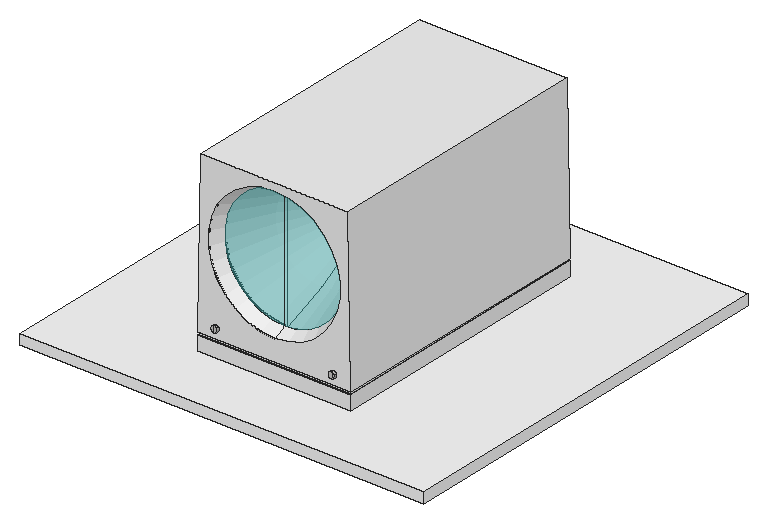
Revit family "BE_24582_de_DE", category Leuchten, Revit 2015
Parameters (values of type "BEGA_24582_Weiß_K4")
  built-in parameter 1150104 = 12.443 (stored number, unit not read)
  Wattage = 16.5 W
  Default Elevation = 0 mm
  built-in parameter 1150113 = 1 (stored number, unit not read)
  built-in parameter 1114218 = 1 (stored number, unit not read)
  Umgebungstemperatur = "25 °C"
  URL = "http://www.bega.de/produkt/24582"
  Typenkommentare = "© 2016 BEGA. Wir behalten uns das Recht vor, technische Änderungen ohne vorherige Ankündigung vorzunehmen."  # constant formula
  Type Image = 24582.png
  built-in parameter 1150134 = 12
  built-in parameter 1150109 = 1 (stored number, unit not read)
  Strom = ""
  built-in parameter 1150110 = 1 (stored number, unit not read)
  Spannung = 239.996 V
  Sonderanfertigung = no
  Seriennummer [instance] = "Hier können Sie die eindeutige Seriennummer für das Facility Management eintragen."
  Schutzklasse = "I"
  Schutzart = "IP 64"
  Scheinlast = 0 VA
  Produktdatenblatt = "http://www.bega.de/download/Xrfa/db/24582.db.de.pdf"
  Oberflächentemperatur = ""
  Neigungswinkel = 0.00°
  Modell = "24582WK4"
  Material_17 = BEGA_Reflektor
  Material_15 = BEGA_Leuchtmedium_matt
  Material_11 = BEGA_Glas_opal
  Material_09 = BEGA_Glas_klar
  Material_06 = BEGA_Oberfläche_Edelstahl_gebürstet
  Material_03 = BEGA_Oberfläche_Weiss_matt
  Material_02 = BEGA_Oberfläche_Silber_matt
  Material_01 [instance] = BEGA_Oberfläche_Grafit_matt
  M_W = yes
  M_G = no
  M_A = no
  Logo = 0
  built-in parameter 1114217 = 1 (stored number, unit not read)
  built-in parameter 1150139 = (empty or 0)
  built-in parameter 1150105 = 175.87 (stored number, unit not read)
  built-in parameter 1150114 = 1 (stored number, unit not read)
  Lumens = 2210.01 lm
  built-in parameter 1150115 = 1 (stored number, unit not read)
  Leuchtenlichtstrom = "1664 lm"
  Leuchtenanzahl = ""
  Lebensdauerkriterien = "L70 = 50.000 h"
  Lastklassifizierung = Beleuchtung
  built-in parameter 1150112 = 1 (stored number, unit not read)
  Lampenlichtstrom = "2210 lm"
  Lampe = "LED 16.5 W"
  LED_Modulbezeichnung = "LED-0683/840"
  built-in parameter 1150142 = (empty or 0)
  Hersteller = "BEGA"  # constant formula
  Halbstreuwinkel = ""
  Gewicht = "3.15 kg"
  Gebrauchslageneinschränkung [instance] = ""
  Frequenz = "0/50-60 Hz"
  Farbwiedergabeindex = "Ra > 80"
  Farbtemperaturverschiebung bei Dämpfen der Lampe = <Keine Auswahl>
  Farbtemperatur = "4000 K"
  Color Filter = 16777215
  built-in parameter 1150133 = 10 (stored number, unit not read)
  Energieeffizienzklasse = "LED A++ - A"
  built-in parameter 1150137 = (empty or 0)
  built-in parameter 1150132 = (empty or 0)
  ENEC = ""
  Dimmbar [instance] = "DALI"
  Datei für fotometrisches Netz = "BE_24582K4.IES"
  CE_Konformität = "ja"
  Bestellnummer = "24582WK4"
  Beschreibung_Sonderanfertigung = "Hier können Sie Informationen zur Sonderanfertigung eintragen."
  Beschreibung = "Wandleuchte"
  built-in parameter 1150106 = 1.7587 (stored number, unit not read)
  Befestigungsbohrung = "Ø 6 mm"
  Befestigungsabstand = "125 mm"
  Ballwurfsicher = ""
  BEGA_Intern_aus = yes
  BEGA_Intern_an = yes
  BEGA_Intern_Konstruktion = yes
  BEGA_Intern = yes
  BEGA_IES = yes
  BEGA_Dummy = no
  Anschlussleitung = ""
  Anschlussleistung [instance] = "20 W"
  built-in parameter 1150107 = 4000 (stored number, unit not read)
  built-in parameter 1150102 = (empty or 0)
  built-in parameter 1150138 = (empty or 0)
  Aktualisierung = "2016-10-24T04:21:34"
  Abstand_zur_angestrahlten_Fläche [instance] = ""
  AC/DC = "AC/DC"
Types (6, lengths in mm): name | built-in parameter 1150104 | built-in parameter 1150134 | Modell | M_W | M_G | M_A | built-in parameter 1150105 | Lumens | Leuchtenlichtstrom | Lampenlichtstrom | LED_Modulbezeichnung | Farbtemperatur | Datei für fotometrisches Netz | Bestellnummer | built-in parameter 1150106 | built-in parameter 1150107
  BEGA_24582_Silber_K3 | 11.824 (stored number, unit not read) | (empty or 0) | "24582A" | no | no | yes | 167.11 (stored number, unit not read) | 2099.95 lm | "1581 lm" | "2100 lm" | "LED-0683/830" | "3000 K" | "BE_24582.IES" | "24582A" | 1.6711 (stored number, unit not read) | 3000 (stored number, unit not read)
  BEGA_24582_Weiß_K4 | 12.443 (stored number, unit not read) | 12 | "24582WK4" | yes | no | no | 175.87 (stored number, unit not read) | 2210.01 lm | "1664 lm" | "2210 lm" | "LED-0683/840" | "4000 K" | "BE_24582K4.IES" | "24582WK4" | 1.7587 (stored number, unit not read) | 4000 (stored number, unit not read)
  BEGA_24582_Grafit_K4 | 12.443 (stored number, unit not read) | 12 | "24582K4" | no | yes | no | 175.87 (stored number, unit not read) | 2210.01 lm | "1664 lm" | "2210 lm" | "LED-0683/840" | "4000 K" | "BE_24582K4.IES" | "24582K4" | 1.7587 (stored number, unit not read) | 4000 (stored number, unit not read)
  BEGA_24582_Weiß_K3 | 11.824 (stored number, unit not read) | (empty or 0) | "24582W" | yes | no | no | 167.11 (stored number, unit not read) | 2099.95 lm | "1581 lm" | "2100 lm" | "LED-0683/830" | "3000 K" | "BE_24582.IES" | "24582W" | 1.6711 (stored number, unit not read) | 3000 (stored number, unit not read)
  BEGA_24582_Grafit_K3 | 11.824 (stored number, unit not read) | (empty or 0) | "24582" | no | yes | no | 167.11 (stored number, unit not read) | 2099.95 lm | "1581 lm" | "2100 lm" | "LED-0683/830" | "3000 K" | "BE_24582.IES" | "24582" | 1.6711 (stored number, unit not read) | 3000 (stored number, unit not read)
  BEGA_24582_Silber_K4 | 12.443 (stored number, unit not read) | 12 | "24582AK4" | no | no | yes | 175.87 (stored number, unit not read) | 2210.01 lm | "1664 lm" | "2210 lm" | "LED-0683/840" | "4000 K" | "BE_24582K4.IES" | "24582AK4" | 1.7587 (stored number, unit not read) | 4000 (stored number, unit not read)
Reference planes
  plane 1 "Mitte (Vorne/Hinten)": y = 0
  plane 2: z = 0
  plane 3 "Mitte (Links/Rechts)": x = 0
  plane 4 "Links": x = -75.806
  plane 5 "Rechts": x = 75.806
  plane 6 "Unten": y = -135.253
  plane 7 "Oben": y = 135.253
  plane 8 "Vorne": z = 175.5
  plane 9 "Hinten": z = 0
Forms (mm)
  Extrusion 1, solid, material "BEGA_Platte_Weiss"
    sketch origin (0, -1119.2, 0) x (1, 0, 0) y (0, 1, 0)
      loop
        line (-200, 1319.2) -> (-200, 919.2) -> (200, 919.2) -> (200, 1319.2) -> (-200, 1319.2)
    from 0 to -10
  Extrusion 2, solid, material "BEGA_Dummy_matt", visible <- "BEGA_Dummy"
    sketch origin (80.095, -76.023, 0) x (1, 0, 0) y (0, 1, 0)
      loop
        line (-155.902, 211.276) -> (-155.902, -59.23) -> (-4.289, -59.23) -> (-4.289, 211.276) -> (-155.902, 211.276)
    from 0 to 175.5
Dimensions and locks
  plane 1 "Mitte (Vorne/Hinten)" to Extrusion 1 = 200 mm
  aligned and locked: plane 2 to Extrusion 1
  aligned and locked: level to Extrusion 1
Nested families
  nested 1: "BE_24582" at (0, 0, 0) x (0, -1, 0) z (0, 0, 1), type "BE_24582"
Connectors
  electrical at (0, 0, 0), driven by "Lastklassifizierung", driven by "Spannung", driven by "Scheinlast"
    settings: index 1, voltage 239.996 V, apparent load 0 VA, apparent load phase1 0 VA, apparent load phase2 0 VA, apparent load phase3 0 VA, power factor 1, load classification "Beleuchtung", number of poles 1, system type 31, power factor state 1, is connector primary yes, connector utility no, sub classification motor no, connector description ""
Definition of nested family "BE_24582"
  Parameters (values of type "BE_24582")
    Default Elevation = 1 mm
    URL = "http://www.bega.de/de/produkt"
    Type Comments = "© 2015 BEGA. Wir behalten uns das Recht vor, technische Änderungen ohne vorherige Ankündigung vorzunehmen. "  # constant formula
    Type Image = (empty or 0)
    Material_17 = none
    Material_15 = none
    Material_11 = none
    Material_09 = none
    Material_06 = none
    Material_03 = none
    Material_02 = none
    Material_01 = none
    M_W = yes
    M_G = yes
    M_A = yes
    Länge_Platte = 300 mm  # constant formula
    Höhe_Platte = -10 mm  # constant formula
    Manufacturer = "BEGA"  # constant formula
    Breite_Platte = 200 mm  # constant formula
  Reference planes
    plane 1 "Mitte (Oben/Unten)": y = 0
    plane 2: z = 0
    plane 3 "Mitte (Links/Rechts)": x = 0
    plane 4 "Unten": y = -75.806
    plane 5: x = -135.253
    plane 6: x = 135.253
    plane 7: z = 175.5
    plane 8: y = 75.806
  Forms (mm)
    Extrusion 1, solid, detail levels medium
      sketch origin (0, 0, 0) x (1, 0, 0) y (0, 1, 0)
        loop
          line (-150, 100) -> (-150, -100) -> (150, -100) -> (150, 100) -> (-150, 100)
      from 0 to -10 <- "Höhe_Platte"
    Extrusion 2, solid, material <- "Material_01", visible <- "M_G", detail levels medium+fine
      sketch origin (0, 0, 0) x (1, 0, 0) y (0, 0, 1)
        loop
          line (135, 175.5) -> (-135, 175.5) -> (-135, 16.471) -> (-124.509, 16.471) -> (-124.509, 172.5) -> (122.759, 172.5) -> (122.759, 16.471) -> (135, 16.471) -> (135, 175.5)
      from -75.553 to 75.553
    Extrusion 3, solid, material <- "Material_01", visible <- "M_G", detail levels medium+fine
      sketch origin (0, 0, 0) x (0, 1, 0) y (0, 0, 1)
        loop
          line (-75.553, 175.5) -> (-75.553, 16.471) -> (-70.41, 16.471) -> (-70.41, 175.5) -> (-75.553, 175.5)
        loop
          line (75.553, 175.5) -> (70.41, 175.5) -> (70.41, 16.471) -> (75.553, 16.471) -> (75.553, 175.5)
      from -135 to 133
    Sweep 4, solid, material <- "Material_01", visible <- "M_G", detail levels medium+fine
      path in 3D
        loop
          line (135, 75.553, 175.5) -> (-135, 75.553, 175.5) -> (-135, -75.553, 175.5) -> (135, -75.553, 175.5) -> (135, 75.553, 175.5)
      profile origin (135, 0, 175.5) x (-1, 0, 0) y (0, 0, 1)
        loop
          line (0, -161) -> (-0.253, -175.5) -> (3.5, -175.5) -> (4.029, -160.346) -> (69.21, -160.346) -> (69.21, -156) -> (3.859, -156) -> (0.83, -159.029) -> (0.83, -161) -> (0, -161)
    Extrusion 5, solid, material <- "Material_01", visible <- "M_G", detail levels medium+fine
      sketch origin (0, 0, 0) x (1, 0, 0) y (0, 1, 0)
        loop
          line (65.79, 6.343) -> (-65.79, 6.343) -> (-65.79, -6.343) -> (65.79, -6.343) -> (65.79, 6.343)
      from 15.154 to 19.5
    Revolve 6, void
      sketch origin (0, 0, 0) x (1, 0, 0) y (0, 0, 1)
        loop
          line (122.074, 162.473) -> (122.074, 103) -> (135.914, 103) -> (135.914, 168.926) -> (122.074, 162.473)
        axis (122.074, 103) -> (135.914, 103)
      angle from 0 to 360
    Revolve 7, solid, material <- "Material_09", detail levels medium+fine
      sketch origin (253.559, 0, 0) x (1, 0, 0) y (0, 0, 1)
        loop
          line (-130.8, 168) -> (-134.8, 168) -> (-134.8, 102.998) -> (-130.8, 102.998) -> (-130.8, 168)
        axis (-134.8, 102.998) -> (-130.8, 102.998)
      angle from 0 to 360
    Revolve 8, solid, material <- "Material_17", detail levels medium+fine
      sketch origin (-5.687, 0, 0) x (-1, 0, 0) y (0, 0, 1)
        loop
          line (-43.461, 108.7) -> (-42.457, 108.674) -> (-43.5, 125.721)
          arc (-43.5, 125.721) -> (-81.904, 148.683) -> (-123.399, 165.425) r 288.248
          line (-123.399, 165.425) -> (-123.399, 170.811) -> (-124.446, 170.811) -> (-124.446, 164.823)
          arc (-124.446, 164.823) -> (-82.915, 148.125) -> (-44.47, 125.198) r 288.248
          line (-44.47, 125.198) -> (-43.461, 108.7)
        axis (-42.457, 102.974) -> (-124.446, 102.974)
      angle from 0 to 360
    Revolve 9, solid, material <- "Material_15", detail levels medium+fine
      sketch origin (74.883, 0, 0) x (1, 0, 0) y (0, 0, 1)
        loop
          line (-40.827, 97.976) -> (-39.967, 97.976) -> (-39.967, 102.976) -> (-40.827, 102.976) -> (-40.827, 97.976)
        axis (-40.827, 102.976) -> (-39.827, 102.976)
      angle from 0 to 360
    Revolve 10, solid, material <- "Material_06", detail levels fine
      sketch origin (0, -58, 0) x (1, 0, 0) y (0, 0, 1)
        loop
          line (137.141, 29.3) -> (135, 29.3) -> (135, 26.3) -> (137.141, 26.3) -> (137.141, 29.3)
        axis (135, 26.3) -> (137.141, 26.3)
      angle from 0 to 360
    Revolve 11, solid, material <- "Material_06", detail levels fine
      sketch origin (0, 58, 0) x (1, 0, 0) y (0, 0, -1)
        loop
          line (137.141, -29.3) -> (137.141, -26.3) -> (135, -26.3) -> (135, -29.3) -> (137.141, -29.3)
        axis (135, -26.3) -> (137.141, -26.3)
      angle from 0 to 360
    Sweep 12, solid, material <- "Material_02", visible <- "M_A", detail levels medium+fine
      path in 3D
        loop
          line (135, 75.553, 175.5) -> (-135, 75.553, 175.5) -> (-135, -75.553, 175.5) -> (135, -75.553, 175.5) -> (135, 75.553, 175.5)
      profile origin (135, 0, 175.5) x (-1, 0, 0) y (0, 0, 1)
        loop
          line (0, -161) -> (-0.253, -175.5) -> (3.5, -175.5) -> (4.029, -160.346) -> (69.21, -160.346) -> (69.21, -156) -> (3.859, -156) -> (0.83, -159.029) -> (0.83, -161) -> (0, -161)
    Extrusion 13, solid, material <- "Material_02", visible <- "M_A", detail levels medium+fine
      sketch origin (0, 0, 0) x (1, 0, 0) y (0, 1, 0)
        loop
          line (65.79, 6.343) -> (-65.79, 6.343) -> (-65.79, -6.343) -> (65.79, -6.343) -> (65.79, 6.343)
      from 15.154 to 19.5
    Sweep 14, solid, material <- "Material_03", visible <- "M_W", detail levels medium+fine
      path in 3D
        loop
          line (135, 75.553, 175.5) -> (-135, 75.553, 175.5) -> (-135, -75.553, 175.5) -> (135, -75.553, 175.5) -> (135, 75.553, 175.5)
      profile origin (135, 0, 175.5) x (-1, 0, 0) y (0, 0, 1)
        loop
          line (0, -161) -> (-0.253, -175.5) -> (3.5, -175.5) -> (4.029, -160.346) -> (69.21, -160.346) -> (69.21, -156) -> (3.859, -156) -> (0.83, -159.029) -> (0.83, -161) -> (0, -161)
    Extrusion 15, solid, material <- "Material_03", visible <- "M_W", detail levels medium+fine
      sketch origin (0, 0, 0) x (1, 0, 0) y (0, 1, 0)
        loop
          line (65.79, 6.343) -> (-65.79, 6.343) -> (-65.79, -6.343) -> (65.79, -6.343) -> (65.79, 6.343)
      from 15.154 to 19.5
    Extrusion 16, solid, material <- "Material_02", visible <- "M_A", detail levels medium+fine
      sketch origin (0, 0, 0) x (1, 0, 0) y (0, 0, 1)
        loop
          line (135, 175.5) -> (-135, 175.5) -> (-135, 16.471) -> (-124.509, 16.471) -> (-124.509, 172.5) -> (122.759, 172.5) -> (122.759, 16.471) -> (135, 16.471) -> (135, 175.5)
      from -75.553 to 75.553
    Extrusion 17, solid, material <- "Material_02", visible <- "M_A", detail levels medium+fine
      sketch origin (0, 0, 0) x (0, 1, 0) y (0, 0, 1)
        loop
          line (-75.553, 175.5) -> (-75.553, 16.471) -> (-70.41, 16.471) -> (-70.41, 175.5) -> (-75.553, 175.5)
        loop
          line (75.553, 175.5) -> (70.41, 175.5) -> (70.41, 16.471) -> (75.553, 16.471) -> (75.553, 175.5)
      from -135 to 133
    Extrusion 18, solid, material <- "Material_03", visible <- "M_W", detail levels medium+fine
      sketch origin (0, 0, 0) x (1, 0, 0) y (0, 0, 1)
        loop
          line (135, 175.5) -> (-135, 175.5) -> (-135, 16.471) -> (-124.509, 16.471) -> (-124.509, 172.5) -> (122.759, 172.5) -> (122.759, 16.471) -> (135, 16.471) -> (135, 175.5)
      from -75.553 to 75.553
    Extrusion 19, solid, material <- "Material_03", visible <- "M_W", detail levels medium+fine
      sketch origin (0, 0, 0) x (0, 1, 0) y (0, 0, 1)
        loop
          line (-75.553, 175.5) -> (-75.553, 16.471) -> (-70.41, 16.471) -> (-70.41, 175.5) -> (-75.553, 175.5)
        loop
          line (75.553, 175.5) -> (70.41, 175.5) -> (70.41, 16.471) -> (75.553, 16.471) -> (75.553, 175.5)
      from -135 to 133
    Extrusion 20, void
      sketch origin (0, 0, 0) x (1, 0, 0) y (0, 1, 0)
        loop
          circle (0, 62.5) r 2.895
        loop
          circle (0, -62.5) r 2.895
        loop
          circle (13, 42) r 8.5
        loop
          circle (-13, 42) r 8.5
      from 0 to 29
    Extrusion 21, void
      sketch origin (0, 0, 0) x (0, 1, 0) y (0, 0, 1)
        loop
          line (-75.553, 16.471) -> (-72.673, 181.446) -> (-75.553, 181.446) -> (-75.553, 16.471)
        loop
          line (75.553, 16.471) -> (75.553, 181.446) -> (72.673, 181.446) -> (75.553, 16.471)
      from -137 to 137.141
  Cuts and joins
    Revolve 6, Extrusion 20, Extrusion 21 cuts Extrusion 2
    Revolve 6, Extrusion 20, Extrusion 21 cuts Extrusion 3
    joined: Extrusion 2, Extrusion 3
    Extrusion 20 cuts Sweep 4
    Extrusion 20 cuts Extrusion 5
    joined: Sweep 4, Extrusion 5
    Extrusion 20 cuts Sweep 12
    Extrusion 20 cuts Extrusion 13
    joined: Sweep 12, Extrusion 13
    Extrusion 20 cuts Sweep 14
    Extrusion 20 cuts Extrusion 15
    joined: Sweep 14, Extrusion 15
    Revolve 6, Extrusion 20, Extrusion 21 cuts Extrusion 16
    Extrusion 20, Extrusion 21 cuts Extrusion 17
    joined: Extrusion 16, Extrusion 17
    Revolve 6, Extrusion 20, Extrusion 21 cuts Extrusion 18
    Extrusion 20, Extrusion 21 cuts Extrusion 19
    joined: Extrusion 18, Extrusion 19
  Lines and regions (mm)
    sketch lines
      curve 1: line (135, -75.553, 175.5) -> (135, 75.553, 175.5)
      curve 2: line (-135, 75.553, 175.5) -> (135, 75.553, 175.5)
      curve 3: line (-135, -75.553, 175.5) -> (-135, 75.553, 175.5)
      curve 4: line (135, -75.553, 175.5) -> (-135, -75.553, 175.5)
      curve 5: line (135, -75.553, 175.5) -> (135, 75.553, 175.5)
      curve 6: line (-135, 75.553, 175.5) -> (135, 75.553, 175.5)
      curve 7: line (-135, -75.553, 175.5) -> (-135, 75.553, 175.5)
      curve 8: line (135, -75.553, 175.5) -> (-135, -75.553, 175.5)
      curve 9: line (135, -75.553, 175.5) -> (135, 75.553, 175.5)
      curve 10: line (-135, 75.553, 175.5) -> (135, 75.553, 175.5)
      curve 11: line (-135, -75.553, 175.5) -> (-135, 75.553, 175.5)
      curve 12: line (135, -75.553, 175.5) -> (-135, -75.553, 175.5)
  Dimensions and locks
    equal spacing: Extrusion 1 sketch curve, plane 3 "Mitte (Links/Rechts)", Extrusion 1 sketch curve
    equal spacing: Extrusion 1 sketch curve, plane 1 "Mitte (Oben/Unten)", Extrusion 1 sketch curve
    "Länge_Platte": Extrusion 1 sketch curve to Extrusion 1 sketch curve
    "Breite_Platte": Extrusion 1 sketch curve to Extrusion 1 sketch curve
    aligned and locked: Extrusion 1 to plane 2
    aligned and locked: level to Extrusion 1
  Automatic sketch dimensions
    level to Extrusion 3 sketch curve = 16.471 mm  (x2)
    plane 1 "Mitte (Oben/Unten)" to Extrusion 3 sketch curve = 75.553 mm
    Extrusion 3 sketch curve to Extrusion 3 sketch curve = 5.144 mm  (x2)
    Extrusion 3 sketch curve to plane 1 "Mitte (Oben/Unten)" = 70.41 mm
    Sweep 4 sketch curve to profile plane = 0 mm
    profile plane to Sweep 4 sketch curve = 0.253 mm
    Sweep 4 sketch curve to profile plane = 0.83 mm
    Sweep 4 sketch curve to profile plane = 3.5 mm
    Sweep 4 sketch curve to profile plane = 3.859 mm
    Sweep 4 sketch curve to Sweep 4 sketch curve = 3.199 mm
    Sweep 4 sketch curve to Sweep 4 sketch curve = 65.181 mm
    Sweep 4 sketch curve to profile plane = 175.5 mm
    Sweep 4 sketch curve to Sweep 4 sketch curve = 14.5 mm
    Sweep 4 sketch curve to Sweep 4 sketch curve = 15.154 mm
    Sweep 4 sketch curve to Sweep 4 sketch curve = 1.971 mm
    Sweep 4 sketch curve to Sweep 4 sketch curve = 3.029 mm
    plane 1 "Mitte (Oben/Unten)" to Extrusion 5 sketch curve = 6.343 mm
    Extrusion 5 sketch curve to plane 3 "Mitte (Links/Rechts)" = 65.79 mm
    plane 3 "Mitte (Links/Rechts)" to Extrusion 5 sketch curve = 65.79 mm
    Extrusion 5 sketch curve to plane 1 "Mitte (Oben/Unten)" = 6.343 mm
    Revolve 6 sketch curve to Revolve 6 sketch curve = 13.839 mm
    Revolve 6 sketch curve to Revolve 6 sketch curve = 59.473 mm
    Revolve 6 sketch curve to Revolve 6 sketch curve = 6.453 mm
    Revolve 6 sketch curve to Revolve 6 sketch curve = 0 mm  (x3)
    Revolve 7 sketch curve to Revolve 7 sketch curve = 4 mm
    Revolve 7 sketch curve to Revolve 7 sketch curve = 0 mm  (x3)
    Revolve 8 sketch curve to Revolve 8 sketch curve = 0.708 mm
    Revolve 8 sketch curve to Revolve 8 sketch curve = 1.047 mm
    Revolve 8 sketch curve to plane 3 "Mitte (Links/Rechts)" = 38.782 mm
    Revolve 8 sketch curve to Revolve 8 sketch curve = 0.97 mm
    Revolve 8 sketch curve to Revolve 8 sketch curve = 1.009 mm
    Revolve 8 sketch curve to Revolve 8 sketch curve = 1.003 mm
    Revolve 8 sketch curve to Revolve 8 sketch curve = 5.387 mm
    Revolve 8 sketch curve to Revolve 8 sketch curve = 0.601 mm
    Revolve 8 sketch curve to Revolve 8 sketch curve = 39.704 mm
    Revolve 8 sketch curve to Revolve 8 sketch curve = 0.523 mm
    Revolve 8 sketch curve to Revolve 8 sketch curve = 16.498 mm
    Revolve 8 sketch curve to Revolve 8 sketch curve = 0.026 mm
    Revolve 8 sketch curve to Revolve 8 sketch curve = 5.775 mm
    Revolve 8 sketch curve to Revolve 8 sketch curve = 10.293 mm
    Revolve 8 sketch curve to Revolve 8 sketch curve = 5.726 mm
    plane 3 "Mitte (Links/Rechts)" to Revolve 9 sketch curve = 34.056 mm
    Revolve 9 sketch curve to Revolve 9 sketch curve = 0.86 mm
    level to Revolve 9 sketch curve = 97.976 mm
    Revolve 9 sketch curve to Revolve 9 sketch curve = 5 mm
    Revolve 9 sketch curve to Revolve 9 sketch curve = 0 mm  (x3)
    level to Revolve 10 sketch curve = 26.3 mm
    Revolve 10 sketch curve to Revolve 10 sketch curve = 2.141 mm
    Revolve 10 sketch curve to Revolve 10 sketch curve = 3 mm
    Revolve 10 sketch curve to Revolve 10 sketch curve = 0 mm  (x3)
    level to Revolve 11 sketch curve = 26.3 mm
    Revolve 11 sketch curve to Revolve 11 sketch curve = 2.141 mm
    Revolve 11 sketch curve to Revolve 11 sketch curve = 3 mm
    Revolve 11 sketch curve to Revolve 11 sketch curve = 0 mm  (x3)
    Extrusion 2 sketch curve to Extrusion 2 sketch curve = 10.491 mm
    Extrusion 2 sketch curve to Extrusion 2 sketch curve = 12.241 mm
    level to Extrusion 2 sketch curve = 16.471 mm  (x2)
    Sweep 12 sketch curve to profile plane = 0 mm
    profile plane to Sweep 12 sketch curve = 0.253 mm
    Sweep 12 sketch curve to profile plane = 0.83 mm
    Sweep 12 sketch curve to profile plane = 3.5 mm
    Sweep 12 sketch curve to profile plane = 3.859 mm
    Sweep 12 sketch curve to Sweep 12 sketch curve = 3.199 mm
    Sweep 12 sketch curve to Sweep 12 sketch curve = 65.181 mm
    Sweep 12 sketch curve to profile plane = 175.5 mm
    Sweep 12 sketch curve to Sweep 12 sketch curve = 14.5 mm
    Sweep 12 sketch curve to Sweep 12 sketch curve = 15.154 mm
    Sweep 12 sketch curve to Sweep 12 sketch curve = 1.971 mm
    Sweep 12 sketch curve to Sweep 12 sketch curve = 3.029 mm
    plane 1 "Mitte (Oben/Unten)" to Extrusion 13 sketch curve = 6.343 mm
    Extrusion 13 sketch curve to plane 3 "Mitte (Links/Rechts)" = 65.79 mm
    plane 3 "Mitte (Links/Rechts)" to Extrusion 13 sketch curve = 65.79 mm
    Extrusion 13 sketch curve to plane 1 "Mitte (Oben/Unten)" = 6.343 mm
    Sweep 14 sketch curve to profile plane = 0 mm
    profile plane to Sweep 14 sketch curve = 0.253 mm
    Sweep 14 sketch curve to profile plane = 0.83 mm
    Sweep 14 sketch curve to profile plane = 3.5 mm
    Sweep 14 sketch curve to profile plane = 3.859 mm
    Sweep 14 sketch curve to Sweep 14 sketch curve = 3.199 mm
    Sweep 14 sketch curve to Sweep 14 sketch curve = 65.181 mm
    Sweep 14 sketch curve to profile plane = 175.5 mm
    Sweep 14 sketch curve to Sweep 14 sketch curve = 14.5 mm
    Sweep 14 sketch curve to Sweep 14 sketch curve = 15.154 mm
    Sweep 14 sketch curve to Sweep 14 sketch curve = 1.971 mm
    Sweep 14 sketch curve to Sweep 14 sketch curve = 3.029 mm
    plane 1 "Mitte (Oben/Unten)" to Extrusion 15 sketch curve = 6.343 mm
    Extrusion 15 sketch curve to plane 3 "Mitte (Links/Rechts)" = 65.79 mm
    plane 3 "Mitte (Links/Rechts)" to Extrusion 15 sketch curve = 65.79 mm
    Extrusion 15 sketch curve to plane 1 "Mitte (Oben/Unten)" = 6.343 mm
    Extrusion 16 sketch curve to Extrusion 16 sketch curve = 10.491 mm
    Extrusion 16 sketch curve to Extrusion 16 sketch curve = 12.241 mm
    level to Extrusion 16 sketch curve = 16.471 mm  (x2)
    level to Extrusion 17 sketch curve = 16.471 mm  (x2)
    plane 1 "Mitte (Oben/Unten)" to Extrusion 17 sketch curve = 75.553 mm
    Extrusion 17 sketch curve to Extrusion 17 sketch curve = 5.144 mm  (x2)
    Extrusion 17 sketch curve to plane 1 "Mitte (Oben/Unten)" = 70.41 mm
    Extrusion 18 sketch curve to Extrusion 18 sketch curve = 10.491 mm
    Extrusion 18 sketch curve to Extrusion 18 sketch curve = 12.241 mm
    level to Extrusion 18 sketch curve = 16.471 mm  (x2)
    level to Extrusion 19 sketch curve = 16.471 mm  (x2)
    plane 1 "Mitte (Oben/Unten)" to Extrusion 19 sketch curve = 75.553 mm
    Extrusion 19 sketch curve to Extrusion 19 sketch curve = 5.144 mm  (x2)
    Extrusion 19 sketch curve to plane 1 "Mitte (Oben/Unten)" = 70.41 mm
    Extrusion 20 sketch curve to plane 3 "Mitte (Links/Rechts)" = 0 mm  (x2)
    Extrusion 20 sketch curve to plane 3 "Mitte (Links/Rechts)" = 13 mm
    plane 3 "Mitte (Links/Rechts)" to Extrusion 20 sketch curve = 13 mm
    plane 1 "Mitte (Oben/Unten)" to Extrusion 20 sketch curve = 62.5 mm
    Extrusion 20 sketch curve to plane 1 "Mitte (Oben/Unten)" = 42 mm
    Extrusion 20 sketch curve to Extrusion 20 sketch curve = 0 mm
    Extrusion 20 sketch curve to Extrusion 20 sketch curve = 20.5 mm
    level to Extrusion 21 sketch curve = 16.471 mm  (x2)
    plane 1 "Mitte (Oben/Unten)" to Extrusion 21 sketch curve = 75.553 mm
    Extrusion 21 sketch curve to Extrusion 21 sketch curve = 2.88 mm
    Extrusion 21 sketch curve to plane 1 "Mitte (Oben/Unten)" = 72.673 mm
    Extrusion 21 sketch curve to plane 1 "Mitte (Oben/Unten)" = 75.553 mm
    Extrusion 2 sketch curve to plane 3 "Mitte (Links/Rechts)" = 124.509 mm
    Extrusion 16 sketch curve to plane 3 "Mitte (Links/Rechts)" = 124.509 mm
    Extrusion 18 sketch curve to plane 3 "Mitte (Links/Rechts)" = 124.509 mm
    plane 3 "Mitte (Links/Rechts)" to Extrusion 2 sketch curve = 122.759 mm
    plane 3 "Mitte (Links/Rechts)" to Revolve 6 sketch curve = 122.074 mm
    plane 3 "Mitte (Links/Rechts)" to Revolve 7 sketch curve = 118.759 mm
    Revolve 8 sketch curve to Revolve 8 sketch curve = 78.929 mm
    plane 3 "Mitte (Links/Rechts)" to Revolve 10 sketch curve = 135 mm
    plane 3 "Mitte (Links/Rechts)" to Revolve 11 sketch curve = 135 mm
    plane 3 "Mitte (Links/Rechts)" to Extrusion 16 sketch curve = 122.759 mm
    plane 3 "Mitte (Links/Rechts)" to Extrusion 18 sketch curve = 122.759 mm
    Revolve 8 sketch curve to plane 3 "Mitte (Links/Rechts)" = 204.49 mm
    level to Revolve 8 sketch curve = 110.159 mm
    Extrusion 2 sketch curve to plane 7 = 0 mm
    plane 7 to Extrusion 2 sketch curve = 3 mm
    plane 7 to Extrusion 3 sketch curve = 0 mm  (x2)
    plane 7 to Revolve 6 sketch curve = 72.5 mm
    plane 7 to Revolve 7 sketch curve = 72.502 mm
    plane 7 to Revolve 7 sketch curve = 7.5 mm
    Extrusion 16 sketch curve to plane 7 = 0 mm
    plane 7 to Extrusion 16 sketch curve = 3 mm
    plane 7 to Extrusion 17 sketch curve = 0 mm  (x2)
    Extrusion 18 sketch curve to plane 7 = 0 mm
    plane 7 to Extrusion 18 sketch curve = 3 mm
    plane 7 to Extrusion 19 sketch curve = 0 mm  (x2)
    Extrusion 21 sketch curve to plane 7 = 5.946 mm  (x2)
    radius of Extrusion 20 sketch curve = 2.895 mm  (x2)
    radius of Extrusion 20 sketch curve = 8.5 mm  (x2)
